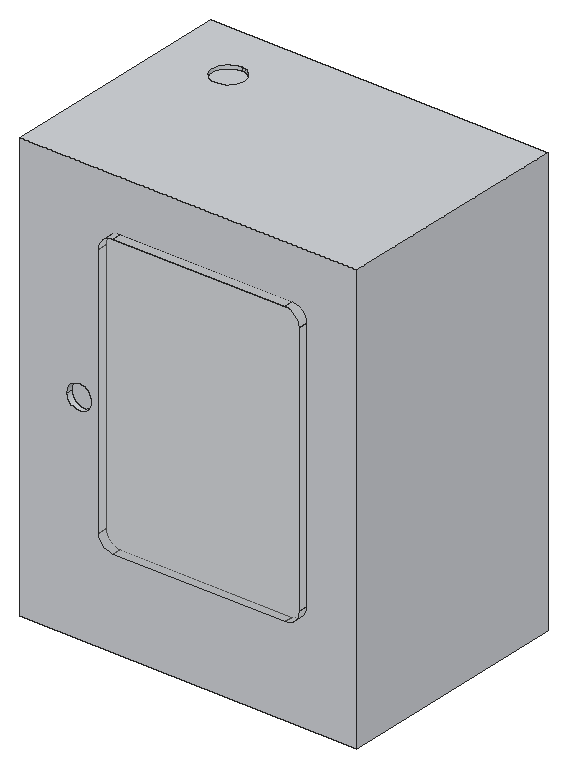
Revit family "ШУЗ", category Оборудование, Revit 2020
Family settings
  Размер круглого соединителя = Использовать диаметр
  Классификация = Нет
  Тип детали = Нормальный
  На основе рабочей плоскости = Нет
  Всегда вертикально = Да
  При загрузке вырезать с полостями = Нет
  Общий = Нет
  Точка расчета площади = Нет
Parameters (values of type "ШУЗ/IP31/DEK_ШУЗ/IP54/DEK")
  расст вывод = 55 mm
  выход 3 = yes
  Ширина [instance] = 310 mm
  Расст замок = 55 mm
  Расст ввод 2 = 55 mm
  Расст ввод = 60 mm
  Расст ПУШ = 80 mm
  Отметка по умолчанию = 0 mm
  Описание = "ШУЗ-М предназначен для управления одно/трехфазным электроприводом задвижки практически любого производителя из известных на рынке. Управление осуществляется в режиме «Местный пуск» с лицевой панели ШУЗ-М или по сигналам любого модуля или прибора управления пожарного в режиме «Автоматический пуск» с отображением состояния задвижки при помощи световой индикации и с передачей сигналов состояния на модуль управления."
  Назв ПУШ = 178.668 mm
  Комментарии к типоразмеру = "Ш1/DEK"
  Изготовитель = "ООО \"Плазма-Т\""
  Глубина [instance] = 220 mm
  Высота [instance] = 395 mm
  URL = "https://plazma-t.ru/"
Types (2, lengths in mm): name | расст вывод | Ширина | Расст замок | Расст ввод 2 | Расст ввод | Расст ПУШ | Назв ПУШ | Комментарии к типоразмеру | Глубина | Высота
  ШУЗ/IP31/DEK_ШУЗ/IP54/DEK | 55 | 310 | 55 | 55 | 60 | 80 | 178.668 | "Ш1/DEK" | 220 | 395
  ШУЗ/IP54/SE_ШУЗ/IP54/АВВ | 100 | 305 | 260 | 100 | 220 | 30 | 120 | "Ш1/ABB" | 204 | 405
Reference planes
  plane 1 "По центру (Вперед/Назад)": y = 0
  plane 2: z = 0
  plane 3 "По центру (Влево/Вправо)": x = 0
Forms (mm)
  Extrusion 1, solid
    sketch origin (0, 0, 0) x (1, 0, 0) y (0, 1, 0)
      loop
        line (0, 0) -> (310, 0) -> (310, 220) -> (0, 220) -> (0, 0)
    from 0 to 395
  Extrusion 2, solid, material "Источник света по умолчанию"
    sketch origin (0, 0, 0) x (1, 0, 0) y (0, 0, 1)
      loop
        arc (93, 347.489) -> (83.808, 343.681) -> (80, 334.489) r 13
        line (80, 334.489) -> (80, 100.489)
        arc (80, 100.489) -> (83.808, 91.296) -> (93, 87.489) r 13
        line (93, 87.489) -> (251.542, 87.489)
        arc (251.542, 87.489) -> (260.734, 91.296) -> (264.542, 100.489) r 13
        line (264.542, 100.489) -> (264.542, 334.489)
        arc (264.542, 334.489) -> (260.734, 343.681) -> (251.542, 347.489) r 13
        line (251.542, 347.489) -> (93, 347.489)
    from 0 to 9
  Extrusion 3, void
    sketch origin (0, 0, 0) x (1, 0, 0) y (0, 0, 1)
      loop
        circle (55, 200) r 11.5
    from 10 to -5.347
  Extrusion 4, void
    sketch origin (0, 0, 395) x (0, 1, 0) y (1, 0, 0)
      loop
        circle (165, 60) r 15
    from 0 to 3
  Extrusion 5, void
    sketch origin (0, 0, 0) x (1, 0, 0) y (0, 1, 0)
      loop
        circle (105, 165) r 15
      loop
        circle (160, 165) r 15
    from 0 to 3
  Extrusion 6, solid, visible <- "выход 3"
    sketch origin (0, 0, 0) x (1, 0, 0) y (0, 1, 0)
      loop
        circle (215, 164.55) r 15
    from 0 to 1
  Extrusion 7, void
    sketch origin (0, 0, 0) x (1, 0, 0) y (0, 1, 0)
      loop
        circle (50, 50) r 17
      loop
        circle (100, 50) r 17
      loop
        circle (150, 50) r 17
      loop
        circle (200, 50) r 17
      loop
        circle (250, 50) r 17
    from 0 to 3
Cuts and joins
  Extrusion 3, Extrusion 4, Extrusion 5, Extrusion 7 cuts Extrusion 1
Dimensions and locks
  "Ширина": Extrusion 1 to Extrusion 1
  "Глубина": Extrusion 1 to Extrusion 1
  "Высота": Extrusion 1 to Extrusion 1
  Extrusion 1 to Extrusion 2 sketch curve = 47.511 mm
  Extrusion 1 to Extrusion 2 = 47.511 mm
  Extrusion 1 to Extrusion 3 sketch curve = 195 mm
  "Расст замок": Extrusion 1 to Extrusion 3 sketch curve
  "Расст ввод": Extrusion 4 sketch curve to cut or joined group of Extrusion 1, Extrusion 3, Extrusion 4, Extrusion 5, Extrusion 7
  "Расст ввод 2": cut or joined group of Extrusion 1, Extrusion 3, Extrusion 4, Extrusion 5, Extrusion 7 to Extrusion 4 sketch curve
  "расст вывод": cut or joined group of Extrusion 1, Extrusion 3, Extrusion 4, Extrusion 5, Extrusion 7 to Extrusion 5 sketch curve  (x2)
  cut or joined group of Extrusion 1, Extrusion 3, Extrusion 4, Extrusion 5, Extrusion 7 to Extrusion 5 sketch curve = 105 mm
  Extrusion 5 sketch curve to Extrusion 5 sketch curve = 55 mm
  locked: Extrusion 2 sketch curve to Extrusion 2 sketch curve at 184.542
  locked: Extrusion 2 sketch curve to Extrusion 2 sketch curve at 260
  "Расст ПУШ": cut or joined group of Extrusion 1, Extrusion 3, Extrusion 4, Extrusion 5, Extrusion 7 to Extrusion 2 sketch curve
  "Назв ПУШ": cut or joined group of Extrusion 1, Extrusion 3, Extrusion 4, Extrusion 5, Extrusion 7 to text3d elem
  cut or joined group of Extrusion 1, Extrusion 3, Extrusion 4, Extrusion 5, Extrusion 7 to Extrusion 6 sketch curve = 55.45 mm
  cut or joined group of Extrusion 1, Extrusion 3, Extrusion 4, Extrusion 5, Extrusion 7 to Extrusion 6 sketch curve = 215 mm
  cut or joined group of Extrusion 1, Extrusion 3, Extrusion 4, Extrusion 5, Extrusion 7 to Extrusion 7 sketch curve = 50 mm  (x2)
  Extrusion 7 sketch curve to Extrusion 7 sketch curve to Extrusion 7 sketch curve to Extrusion 7 sketch curve to Extrusion 7 sketch curve = 50 mm, 50 mm, 50 mm, 50 mm
  diameter of Extrusion 4 sketch curve = 30 mm
  aligned and locked: level to plane 2
  aligned and locked: Extrusion 1 to level
  aligned and locked: Extrusion 1 to plane 3 "По центру (Влево/Вправо)"
  aligned and locked: plane 1 "По центру (Вперед/Назад)" to Extrusion 1
Automatic sketch dimensions
  plane 3 "По центру (Влево/Вправо)" to Extrusion 1 sketch curve = 0 mm
  plane 1 "По центру (Вперед/Назад)" to Extrusion 1 sketch curve = 0 mm
  plane 3 "По центру (Влево/Вправо)" to Extrusion 1 sketch curve = 310 mm
  Extrusion 1 sketch curve to plane 1 "По центру (Вперед/Назад)" = 220 mm
  Extrusion 7 sketch curve to plane 1 "По центру (Вперед/Назад)" = 50 mm  (x4)
  Extrusion 2 sketch curve to Extrusion 2 sketch curve = 13 mm  (x4)
  radius of Extrusion 6 sketch curve = 15 mm
  radius of Extrusion 7 sketch curve = 17 mm  (x5)
  radius of Extrusion 3 sketch curve = 11.5 mm
  radius of Extrusion 5 sketch curve = 15 mm  (x2)
Connectors
  electrical at (60, 165, 392)
    settings: on cut or joined group of Extrusion 1, Extrusion 3, Extrusion 4, Extrusion 5, Extrusion 7, index 1, voltage 0 V, apparent load 0 VA, apparent load phase1 0 VA, apparent load phase2 0 VA, apparent load phase3 0 VA, power factor 1, load classification "Прочее", number of poles 1, system type 30, power factor state 1, is connector primary yes, connector utility no, sub classification motor no, connector description "380V"
  electrical at (105, 165, 3)
    settings: on cut or joined group of Extrusion 1, Extrusion 3, Extrusion 4, Extrusion 5, Extrusion 7, index 2, voltage 0 V, apparent load 0 VA, apparent load phase1 0 VA, apparent load phase2 0 VA, apparent load phase3 0 VA, power factor 1, load classification "Прочее", number of poles 1, system type 31, power factor state 1, is connector primary no, connector utility no, sub classification motor no, connector description ""
  electrical at (160, 165, 3)
    settings: on cut or joined group of Extrusion 1, Extrusion 3, Extrusion 4, Extrusion 5, Extrusion 7, index 3, voltage 0 V, apparent load 0 VA, apparent load phase1 0 VA, apparent load phase2 0 VA, apparent load phase3 0 VA, power factor 1, load classification "Прочее", number of poles 1, system type 13, power factor state 1, is connector primary no, connector utility no, sub classification motor no, connector description "реле"
  electrical at (105, 165, 3)
    settings: on cut or joined group of Extrusion 1, Extrusion 3, Extrusion 4, Extrusion 5, Extrusion 7, index 4, voltage 0 V, apparent load 0 VA, apparent load phase1 0 VA, apparent load phase2 0 VA, apparent load phase3 0 VA, power factor 1, load classification "Прочее", number of poles 1, system type 13, power factor state 1, is connector primary no, connector utility no, sub classification motor no, connector description "реле"
  electrical at (215, 164.55, 0)
    settings: on Extrusion 6, index 5, voltage 0 V, apparent load 0 VA, apparent load phase1 0 VA, apparent load phase2 0 VA, apparent load phase3 0 VA, power factor 1, load classification "Прочее", number of poles 1, system type 13, power factor state 1, is connector primary no, connector utility no, sub classification motor no, connector description "нагрузка 24V"
  electrical at (50, 50, 3)
    settings: on cut or joined group of Extrusion 1, Extrusion 3, Extrusion 4, Extrusion 5, Extrusion 7, index 6, voltage 0 V, apparent load 0 VA, apparent load phase1 0 VA, apparent load phase2 0 VA, apparent load phase3 0 VA, power factor 1, load classification "Прочее", number of poles 1, system type 11, power factor state 1, is connector primary no, connector utility no, sub classification motor no, connector description "24V или 220V"
  electrical at (100, 50, 3)
    settings: on cut or joined group of Extrusion 1, Extrusion 3, Extrusion 4, Extrusion 5, Extrusion 7, index 7, voltage 0 V, apparent load 0 VA, apparent load phase1 0 VA, apparent load phase2 0 VA, apparent load phase3 0 VA, power factor 1, load classification "Прочее", number of poles 1, system type 11, power factor state 1, is connector primary no, connector utility no, sub classification motor no, connector description "шлейф"
  electrical at (150, 50, 3)
    settings: on cut or joined group of Extrusion 1, Extrusion 3, Extrusion 4, Extrusion 5, Extrusion 7, index 8, voltage 0 V, apparent load 0 VA, apparent load phase1 0 VA, apparent load phase2 0 VA, apparent load phase3 0 VA, power factor 1, load classification "Прочее", number of poles 1, system type 11, power factor state 1, is connector primary no, connector utility no, sub classification motor no, connector description "шлейф"
  electrical at (200, 50, 3)
    settings: on cut or joined group of Extrusion 1, Extrusion 3, Extrusion 4, Extrusion 5, Extrusion 7, index 9, voltage 0 V, apparent load 0 VA, apparent load phase1 0 VA, apparent load phase2 0 VA, apparent load phase3 0 VA, power factor 1, load classification "Прочее", number of poles 1, system type 13, power factor state 1, is connector primary no, connector utility no, sub classification motor no, connector description "реле"
  electrical at (250, 50, 3)
    settings: on cut or joined group of Extrusion 1, Extrusion 3, Extrusion 4, Extrusion 5, Extrusion 7, index 10, voltage 0 V, apparent load 0 VA, apparent load phase1 0 VA, apparent load phase2 0 VA, apparent load phase3 0 VA, power factor 1, load classification "Прочее", number of poles 1, system type 13, power factor state 1, is connector primary no, connector utility no, sub classification motor no, connector description "реле"
